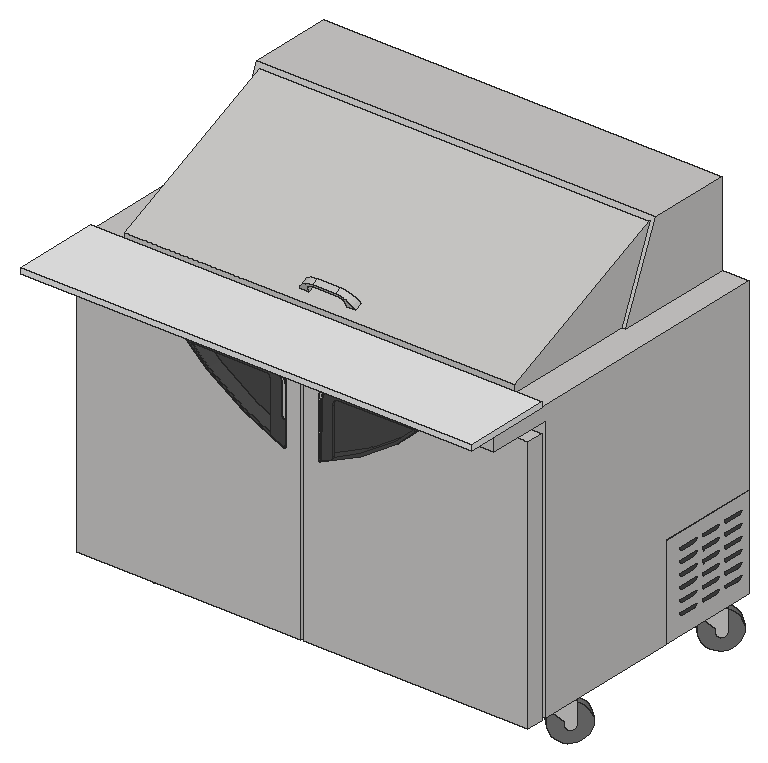
Revit family "QF_Turbo Air_TST-48SD-1842703f19-0250-4ab9-a8a5-928e6c5f2d5a", category Specialty Equipment, Revit 2012 (continued)
Definition of nested family "FESCasterLeg"
  Parameters (values of type "FESCasterLeg")
    Type Comments = "⍁⍉⌁⌀⏭⎽⌇⍠⌜⍉⎖⌥⌦⌯⍭⏊⍻⍿⍊⏵⍊⏗⏠⍴⎡⌈⎀⍠⌓⌤⏘⎐⍀⌐⏬⏁⎈⏍⏦⎒⏬⌝⍩⍇⌣〈⎫〉⎁⏊⍥⍖⍥⍝⍦⌖⍀⏌⏭⎝⎼⏷⏞⍻⏯⎽⏷⏞⍻⏯⎽⏷⎺⌻⎝⍎⌧⏷⏟⏿⌿⍜⍦⍤⌁⍬⏶⏎⍊⏚⏉⎞⌡⎀⎪⏈⌟⌿⍾⍼⌟⌿⌢⌞⏜⏝⎽⍷⍷⍯⍧⍷⌯⍽⏸⏨⏾⏎⌣⏺⍹⏼⏅⎏⌽⎫⎪⍙⎓⏗⎗⏅⌴⍏⍏⍿⏑⎺⍘⌭⏲⍥⎛⎾⎾⍞⍌⎪⎲⌙⎥⏏⎟⎟⏼⏘⎏⎝⏧⏍⏁⍏⍧⏯⏾⌟"
    Legs [instance] = yes
    Height [instance] = 0' - 6"
    Caster Radius [instance] = if(Height < 0' 3", 0' 1", (Height / 2) - 0' 0 1/2")  # 0' - 2 1/2"
    Casters [instance] = yes
    Assembly Code = ""
  Reference planes (in)
    plane 1 "Center (Front/Back)": y = 0
    plane 2: z = 0
    plane 3 "Center (Left/Right)": x = 0
    plane 4: z = 6
    plane 5: z = 5.5
  Forms (in)
    Extrusion 1, solid, material "QF_Finishes_Stainless Steel", visible <- "Casters"
      sketch origin (-24.12131, -22.88887, 10.18833) x (0.707107, 0.707107, 0) y (0, 0, 1)
        loop
          line (34.98772, -7.68833) -> (34.98772, -4.93833) -> (34.48772, -4.93833) -> (34.39402, -4.68833) -> (32.39402, -4.68833) -> (32.39402, -5.43833) -> (33.98772, -7.34206) -> (33.98772, -7.68833)
          arc (33.98772, -7.68833) -> (34.48772, -8.18833) -> (34.98772, -7.68833) r 0.5
      from 0 to 1.75
    Extrusion 2, solid, material "QF_Finishes_Rubber Black", visible <- "Casters"
      sketch origin (-24.32327, -23.09083, 13.31461) x (0.707107, 0.707107, 0) y (0, 0, 1)
        loop
          circle (34.77334, -10.81461) r 2.5
      from 0.375 to 1.375
    Extrusion 3, solid, material "QF_Finishes_Stainless Steel", visible <- "Casters"
      sketch origin (-7.24148, -8.48391, 0) x (0.707107, 0.707107, 0) y (0, 0, 1)
        loop
          line (10.61603, 5.5) -> (11.61603, 5.5) -> (11.61603, 6) -> (10.61603, 6) -> (10.61603, 5.5)
      from 0 to -1.75
    Blend 4, solid, material "QF_Finishes_Stainless Steel", visible <- "Legs"
      base sketch origin (0, 0, 0) x (1, 0, 0) y (0, 1, 0)
        loop
          circle (0, 0) r 0.5
      top sketch origin (0, 0, 0) x (1, 0, 0) y (0, 1, 0)
        loop
          circle (0, 0) r 1
      from 0 to 6 <- "Height"
  Lines and regions (in)
    symbolic lines, style "QF_Hidden Details", visible <- "Casters", built-in parameter 1006206 <- "Casters"
      curve 1: line (-1.26158, -0.51911, 0) -> (1.39007, 2.13254, 0)
      curve 2: line (-0.53429, -1.24639, 0) -> (2.11736, 1.40526, 0)
    symbolic lines, style "QF_Hidden Details", built-in parameter 1006206 <- "Casters", visible <- "Casters"
      curve 3: line (-1.26158, -0.51911, 0) -> (1.39007, 2.13254, 0)
      curve 4: line (-0.53429, -1.24639, 0) -> (2.11736, 1.40526, 0)
  Dimensions and locks (in)
    locked: plane 4 to plane 5 at 0.5
    "Height": plane 4 to level
    "Caster Radius": Extrusion 2 sketch curve to level
    "Caster Radius": Extrusion 1 sketch curve to level
    "Caster Radius": radius of Extrusion 2 sketch curve
    aligned and locked: plane 2 to level
    aligned: Blend 4 to Extrusion 3
    aligned and locked: plane 4 to Blend 4
    aligned and locked: Extrusion 3 to plane 5
    aligned and locked: plane 4 to Extrusion 3
    aligned and locked: plane 5 to Extrusion 1
  Automatic sketch dimensions
    plane 1 "Center (Front/Back)" to curve 3 = 0' - 0.51911"
    curve 3 to plane 3 "Center (Left/Right)" = 0' - 1.26158"
    plane 1 "Center (Front/Back)" to curve 1 = 0' - 0.51911"
    curve 1 to curve 3 = 0' - 0"  (x3)
    curve 4 to plane 3 "Center (Left/Right)" = 0' - 0.53429"
    curve 2 to curve 4 = 0' - 0"  (x2)
    plane 3 "Center (Left/Right)" to curve 3 = 0' - 1.39007"
    curve 1 to curve 4 = 0' - 0.72729"
    curve 2 to curve 1 = 0' - 0.72729"
    curve 4 to curve 2 = 0' - 0"  (x2)
    curve 2 to plane 1 "Center (Front/Back)" = 0' - 1.40526"
    curve 2 to curve 3 = 0' - 0.72729"
    plane 5 to Extrusion 1 sketch curve = 0' - 0"
    Extrusion 1 sketch curve to Extrusion 1 sketch curve = 0' - 1.5937"
    Extrusion 1 sketch curve to Extrusion 1 sketch curve = 0' - 2"
    Extrusion 1 sketch curve to Extrusion 1 sketch curve = 0' - 0.0937"
    Extrusion 1 sketch curve to Extrusion 1 sketch curve = 0' - 0 1/2"
    Extrusion 1 sketch curve to Extrusion 1 sketch curve = 0' - 0.34627"
    Extrusion 1 sketch curve to plane 5 = 0' - 0 3/4"
    Extrusion 1 sketch curve to plane 5 = 0' - 0 1/4"
    Extrusion 3 sketch curve to plane 5 = 0' - 0"
    plane 4 to Extrusion 3 sketch curve = 0' - 0"
    Extrusion 3 sketch curve to Extrusion 3 sketch curve = 0' - 1"
    plane 1 "Center (Front/Back)" to Blend 4 sketch curve = 0' - 0"  (x2)
    Blend 4 sketch curve to plane 3 "Center (Left/Right)" = 0' - 0"  (x2)
    radius of Blend 4 sketch curve = 0' - 0 1/2"
    radius of Blend 4 sketch curve = 0' - 1"
